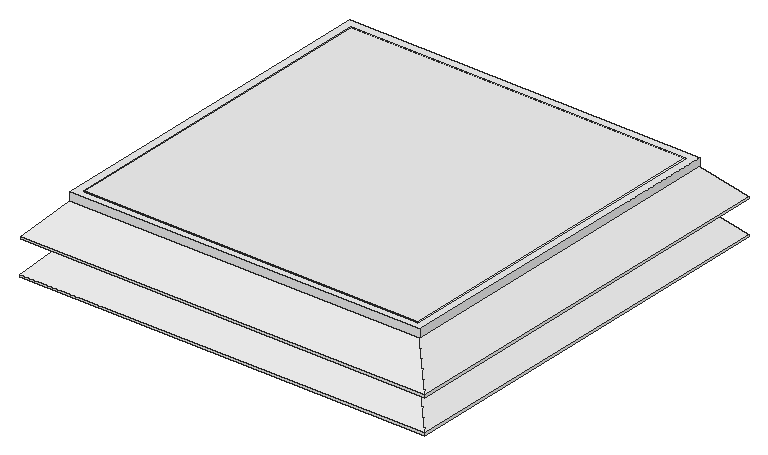
Revit family "Gravity_Intake_Roof_Ventilators-GLAB_Carnes", category Mechanical Equipment, host Face, Revit 2012
Parameters (values of type "See Type Catalog")
  ecoScorecard_data = ""
  ecoScorecard Product Page = ""
  Warranty URL = "http://www.carnes.com/GeneralCatalogs/termcond.pdf"
  Warranty = ""
  Housing = Aluminum-Carnes-Spun-Brushed
  URL = "http://www.carnes.com/index.html"
  Throat Size Width = 3' - 0"
  Throat Size Length = 3' - 0"
  Throat Area = "9"
  Subcategory = "Ventilation"  # constant formula
  Specifications URL = "http://www.carnes.com/ventilation/pdf/11072.pdf"
  Product Page URL = "http://www.carnes.com/ventilation/gravitymodels.htm"
  Parts List URL = ""
  Model = "GLAB"  # constant formula
  Material = "Aluminum"
  Manufacturer Phone = "608-845-6411"  # constant formula
  Manufacturer Fax = "608-845-6470"  # constant formula
  Manufacturer Email = "mailto:carnes@carnes.com"
  Manufacturer Address = "448 S. Main St., P. O. Box 930040, Verona, WI 53593-0040"  # constant formula
  Manufacturer = "Carnes Company"  # constant formula
  Louvers = 2
  Intake Throat Velocity 900 = "900"
  Intake Throat Velocity 800 = "800"
  Intake Throat Velocity 700 = "700"
  Intake Throat Velocity 600 = "600"
  Intake Throat Velocity 500 = "500"
  Intake Throat Velocity 400 = "400"
  Intake Throat Velocity 1200 = "1200"
  Intake Throat Velocity 1000 = "1000"
  IOM Instructions URL = ""
  Hood Width = 4' - 4"
  Hood Length = 4' - 4"
  G = 0' - 9 1/2"
  Description = "Gravity Intake Roof Ventilator"  # constant formula
  Default Elevation = 0' - 0"
  Curb Cap Width = 3' - 8"
  Curb Cap Length = 3' - 8"
  Cost Info = "mailto:carnes@carnes.com"
  Catalog URL = "http://www.carnes.com/ventilation/pdf/C409-C421.pdf"
  Assembly Code = "D3040200"
  95 CSI = "15830"  # constant formula
  04 CSI = "23 34 23"  # constant formula
Reference planes (in)
  plane 1 "Center (Front/Back)": y = 0
  plane 2: z = 0
  plane 3 "Center (Left/Right)": x = 0
  plane 4 "Throat Left": x = -18
  plane 5 "Throat Right": x = 18
  plane 6 "Hood left": x = -26
  plane 7 "Hood Right": x = 26
  plane 8 "Curb Cap Left": x = -22
  plane 9 "Curb Cap right": x = 22
  plane 10 "G": z = 9.5
  plane 11 "Curb Cap Top": y = 22
  plane 12 "Curb Cap Bottom": y = -22
  plane 13 "Throat Size Top": y = 18
  plane 14 "Throat Size Bottom": y = -18
  plane 15 "Hood Top": y = 26
  plane 16 "Hood Front": y = -26
  plane 17: z = 8.5
Forms (in)
  Extrusion 1, solid, material "Aluminum-Carnes-Spun-Brushed" <- "Housing", detail levels fine
    sketch origin (0, 0, 0) x (1, 0, 0) y (0, 1, 0)
      loop
        line (-22, -22) -> (22, -22) -> (22, 22) -> (-22, 22) -> (-22, -22)
      loop
        line (-18, 18) -> (-18, -18) -> (18, -18) -> (18, 18) -> (-18, 18)
    from 0 to 2
  Extrusion 2, solid, material "Aluminum-Carnes-Spun-Brushed" <- "Housing", detail levels fine
    sketch origin (0, 0, 0) x (1, 0, 0) y (0, 1, 0)
      loop
        line (-18, 18) -> (-18, -18) -> (18, -18) -> (18, 18) -> (-18, 18)
      loop
        line (18.125, 18.125) -> (-18.125, 18.125) -> (-18.125, -18.125) -> (18.125, -18.125) -> (18.125, 18.125)
    from 2 to 4.5
  Extrusion 3, solid, material "Aluminum-Carnes-Spun-Brushed" <- "Housing", detail levels fine
    sketch origin (0, 0, 0) x (1, 0, 0) y (0, 1, 0)
      loop
        line (-22, 22) -> (-22, -22) -> (22, -22) -> (22, 22) -> (-22, 22)
      loop
        line (-21.5, 21.5) -> (-21.5, -21.5) -> (21.5, -21.5) -> (21.5, 21.5) -> (-21.5, 21.5)
    from 0 to 8.5
  Extrusion 4, solid, material "Aluminum-Carnes-Spun-Brushed" <- "Housing", detail levels fine
    sketch origin (0, 0, 0) x (1, 0, 0) y (0, 1, 0)
      loop
        line (-22.5, 22.5) -> (-22.5, -22.5) -> (22.5, -22.5) -> (22.5, 22.5) -> (-22.5, 22.5)
    from 8.5 to 9.5
Lines and regions (in)
  model lines, detail levels coarse+medium
    curve 1: line (-26, 26, 0) -> (26, 26, 0)
    curve 2: line (26, -26, 0) -> (26, 26, 0)
    curve 3: line (26, -26, 0) -> (-26, -26, 0)
    curve 4: line (-26, 26, 0) -> (-26, -26, 0)
Dimensions and locks (in)
  "G": plane 10 "G" to plane 2
  equal spacing: plane 11 "Curb Cap Top", plane 1 "Center (Front/Back)", plane 12 "Curb Cap Bottom"
  "Curb Cap Width": plane 11 "Curb Cap Top" to plane 12 "Curb Cap Bottom"
  "Throat Size Width": plane 13 "Throat Size Top" to plane 14 "Throat Size Bottom"
  "Hood Width": plane 15 "Hood Top" to plane 16 "Hood Front"
  equal spacing: plane 13 "Throat Size Top", plane 1 "Center (Front/Back)", plane 14 "Throat Size Bottom"
  equal spacing: plane 15 "Hood Top", plane 1 "Center (Front/Back)", plane 16 "Hood Front"
  "Throat Size Length": plane 4 "Throat Left" to plane 5 "Throat Right"
  "Curb Cap Length": plane 8 "Curb Cap Left" to plane 9 "Curb Cap right"
  "Hood Length": plane 6 "Hood left" to plane 7 "Hood Right"
  locked: Extrusion 1 to Extrusion 2 sketch curve at 0.125  (x3)
  locked: Extrusion 2 sketch curve to Extrusion 1 at 0.125
  equal spacing: plane 6 "Hood left", plane 3 "Center (Left/Right)", plane 7 "Hood Right"
  equal spacing: plane 8 "Curb Cap Left", plane 3 "Center (Left/Right)", plane 9 "Curb Cap right"
  equal spacing: plane 4 "Throat Left", plane 3 "Center (Left/Right)", plane 5 "Throat Right"
  locked: Extrusion 3 sketch curve to Extrusion 1 at 0.5  (x3)
  locked: Extrusion 1 to Extrusion 3 sketch curve at 0.5
  locked: Extrusion 3 to Extrusion 4 sketch curve at 0.5  (x3)
  locked: Extrusion 4 sketch curve to Extrusion 3 at 0.5
  locked: plane 10 "G" to plane 17 at 1
  group 1 to group 2 = 0' - 0"  (x2)
  group 1 to group 2 = 0' - 4 3/8"
  aligned and locked: plane 2 to host face
  aligned and locked: level to host face
  aligned and locked: Extrusion 1 sketch curve to plane 12 "Curb Cap Bottom"
  aligned and locked: plane 11 "Curb Cap Top" to Extrusion 1 sketch curve
  aligned and locked: Extrusion 1 sketch curve to plane 9 "Curb Cap right"
  aligned and locked: Extrusion 1 sketch curve to plane 8 "Curb Cap Left"
  aligned and locked: Extrusion 1 sketch curve to plane 5 "Throat Right"
  aligned and locked: Extrusion 1 sketch curve to plane 13 "Throat Size Top"
  aligned and locked: plane 14 "Throat Size Bottom" to Extrusion 1 sketch curve
  aligned and locked: Extrusion 1 sketch curve to plane 4 "Throat Left"
  aligned and locked: Extrusion 2 sketch curve to plane 5 "Throat Right"
  aligned and locked: Extrusion 2 sketch curve to plane 13 "Throat Size Top"
  aligned and locked: Extrusion 2 sketch curve to plane 4 "Throat Left"
  aligned and locked: plane 14 "Throat Size Bottom" to Extrusion 2 sketch curve
  aligned and locked: Extrusion 3 sketch curve to plane 8 "Curb Cap Left"
  aligned and locked: Extrusion 3 sketch curve to plane 11 "Curb Cap Top"
  aligned and locked: Extrusion 3 sketch curve to plane 9 "Curb Cap right"
  aligned and locked: plane 12 "Curb Cap Bottom" to Extrusion 3 sketch curve
  aligned and locked: plane 10 "G" to Extrusion 4
  aligned and locked: Extrusion 4 to Extrusion 3
  aligned and locked: plane 17 to Extrusion 4
Automatic sketch dimensions
  host sketch curve to host sketch curve = 8' - 0"  (x2)
  curve 1 to plane 6 "Hood left" = 0' - 0"
  curve 2 to plane 7 "Hood Right" = 0' - 0"
  curve 2 to plane 16 "Hood Front" = 0' - 0"
  curve 1 to plane 15 "Hood Top" = 0' - 0"
Nested families (in)
  nested 1: "Family1" at (0, 0, 0), type "Family1", detail levels fine
  nested 2: "Family1" at (0, 0, 4.375), type "Family1", detail levels fine
Definition of nested family "Family1"
  Parameters (values of type "Family1")
    Unit = none
    Hood Length = 4' - 4"
    Hood Width = 4' - 4"
  Reference planes (in)
    plane 1 "Center (Front/Back)": y = 0
    plane 2: z = 0
    plane 3 "Center (Left/Right)": x = 0
    plane 4: x = -26
    plane 5: x = 26
    plane 6: y = -26
    plane 7: y = 26
  Forms (in)
    Sweep 1, solid, material <- "Unit"
      path origin (0.89796, -0.0471, 0) x (1, 0, 0) y (0, 1, 0)
        loop
          line (-26.89796, 26.0471) -> (-26.89796, -25.9529) -> (25.10204, -25.9529) -> (25.10204, 26.0471) -> (-26.89796, 26.0471)
      profile "Louver profile : Louver profile" origin (0, 26, 0) x (0, 1, 0) y (0, 0, 1)
        loop
          line (-4.5, 5.17188) -> (-4.5, 0) -> (0, 0) -> (0, 0.25) -> (-4.5, 5.17188)
  Dimensions and locks (in)
    "Hood Length": plane 4 to plane 5
    "Hood Width": plane 7 to plane 6
    equal spacing: plane 7, plane 1 "Center (Front/Back)", plane 6
    equal spacing: plane 4, plane 3 "Center (Left/Right)", plane 5
    aligned and locked: level to plane 2
    aligned and locked: plane 7 to Sweep 1 sketch curve
    aligned and locked: Sweep 1 sketch curve to plane 5
    aligned and locked: plane 6 to Sweep 1 sketch curve
    aligned and locked: Sweep 1 sketch curve to plane 4
Types in the file's own list only (117): name | Throat Size Width | Throat Size Length | Throat Area | Louvers | Intake Throat Velocity 900 | Intake Throat Velocity 800 | Intake Throat Velocity 700 | Intake Throat Velocity 600 | Intake Throat Velocity 500 | Intake Throat Velocity 400 | Intake Throat Velocity 1200 | Intake Throat Velocity 1000 | Hood Width | Hood Length | G | Curb Cap Width | Curb Cap Length
  12x12 | 1' - 0" | 1' - 0" | "1.00" | 2 | "900" | "800" | "700" | "600" | "500" | "400" | "1200" | "1000" | 2' - 4" | 2' - 4" | 0' - 9 1/2" | 1' - 8" | 1' - 8"
  12x14 | 1' - 0" | 1' - 2" | "1.17" | 2 | "1050" | "933" | "817" | "700" | "583" | "467" | "1400" | "1167" | 2' - 4" | 2' - 6" | 0' - 9 1/2" | 1' - 8" | 1' - 10"
  12x16 | 1' - 0" | 1' - 4" | "1.33" | 2 | "1200" | "1067" | "933" | "800" | "667" | "533" | "1600" | "1333" | 2' - 4" | 2' - 8" | 0' - 9 1/2" | 1' - 8" | 2' - 0"
  12x18 | 1' - 0" | 1' - 6" | "1.50" | 2 | "1350" | "1200" | "1050" | "900" | "750" | "600" | "1800" | "1500" | 2' - 4" | 2' - 10" | 0' - 9 1/2" | 1' - 8" | 2' - 2"
  12x20 | 1' - 0" | 1' - 8" | "1.67" | 2 | "1500" | "1333" | "1167" | "1000" | "833" | "667" | "2000" | "1667" | 2' - 4" | 3' - 0" | 0' - 9 1/2" | 1' - 8" | 2' - 4"
  12x22 | 1' - 0" | 1' - 10" | "1.83" | 2 | "1650" | "1467" | "1283" | "1100" | "917" | "733" | "2200" | "1833" | 2' - 4" | 3' - 2" | 0' - 9 1/2" | 1' - 8" | 2' - 6"
  12x24 | 1' - 0" | 2' - 0" | "2.00" | 2 | "1800" | "1600" | "1400" | "1200" | "1000" | "800" | "2400" | "2000" | 2' - 4" | 3' - 4" | 0' - 9 1/2" | 1' - 8" | 2' - 8"
  12x30 | 1' - 0" | 2' - 6" | "2.50" | 2 | "2250" | "2000" | "1750" | "1500" | "1250" | "1000" | "3000" | "2500" | 2' - 4" | 3' - 10" | 0' - 9 1/2" | 1' - 8" | 3' - 2"
  12x36 | 1' - 0" | 3' - 0" | "3.00" | 2 | "2700" | "2400" | "2100" | "1800" | "1500" | "1200" | "3600" | "3000" | 2' - 4" | 4' - 4" | 0' - 9 1/2" | 1' - 8" | 3' - 8"
  12x42 | 1' - 0" | 3' - 6" | "3.50" | 2 | "3150" | "2800" | "2450" | "2100" | "1750" | "1400" | "4200" | "3500" | 2' - 4" | 4' - 10" | 0' - 9 1/2" | 1' - 8" | 4' - 2"
  12x48 | 1' - 0" | 4' - 0" | "4.00" | 2 | "3600" | "3200" | "2800" | "2400" | "2000" | "1600" | "4800" | "4000" | 2' - 4" | 5' - 4" | 0' - 9 1/2" | 1' - 8" | 4' - 8"
  12x54 | 1' - 0" | 4' - 6" | "4.50" | 2 | "4050" | "3600" | "3150" | "2700" | "2250" | "1800" | "5400" | "4500" | 2' - 4" | 5' - 10" | 0' - 9 1/2" | 1' - 8" | 5' - 2"
  14x14 | 1' - 2" | 1' - 2" | "1.36" | 2 | "1225" | "1089" | "953" | "817" | "681" | "544" | "1633" | "1361" | 2' - 6" | 2' - 6" | 0' - 9 1/2" | 1' - 10" | 1' - 10"
  14x16 | 1' - 2" | 1' - 4" | "1.56" | 2 | "1400" | "1244" | "1089" | "933" | "778" | "622" | "1867" | "1556" | 2' - 6" | 2' - 8" | 0' - 9 1/2" | 1' - 10" | 2' - 0"
  14x18 | 1' - 2" | 1' - 6" | "1.75" | 2 | "1575" | "1400" | "1225" | "1050" | "875" | "700" | "2100" | "1750" | 2' - 6" | 2' - 10" | 0' - 9 1/2" | 1' - 10" | 2' - 2"
  14x20 | 1' - 2" | 1' - 8" | "1.94" | 2 | "1750" | "1556" | "1361" | "1167" | "972" | "778" | "2333" | "1944" | 2' - 6" | 3' - 0" | 0' - 9 1/2" | 1' - 10" | 2' - 4"
  14x22 | 1' - 2" | 1' - 10" | "2.14" | 2 | "1925" | "1711" | "1497" | "1283" | "1069" | "856" | "2567" | "2139" | 2' - 6" | 3' - 2" | 0' - 9 1/2" | 1' - 10" | 2' - 6"
  14x24 | 1' - 2" | 2' - 0" | "2.33" | 2 | "2100" | "1867" | "1633" | "1400" | "1167" | "933" | "2800" | "2333" | 2' - 6" | 3' - 4" | 0' - 9 1/2" | 1' - 10" | 2' - 8"
  14x30 | 1' - 2" | 2' - 6" | "2.92" | 2 | "2625" | "2333" | "2042" | "1750" | "1458" | "1167" | "3500" | "2917" | 2' - 6" | 3' - 10" | 0' - 9 1/2" | 1' - 10" | 3' - 2"
  14x36 | 1' - 2" | 3' - 0" | "3.50" | 2 | "3150" | "2800" | "2450" | "2100" | "1750" | "1400" | "4200" | "3500" | 2' - 6" | 4' - 4" | 0' - 9 1/2" | 1' - 10" | 3' - 8"
  14x42 | 1' - 2" | 3' - 6" | "4.08" | 2 | "3675" | "3267" | "2858" | "2450" | "2042" | "1633" | "4900" | "4083" | 2' - 6" | 4' - 10" | 0' - 9 1/2" | 1' - 10" | 4' - 2"
  14x48 | 1' - 2" | 4' - 0" | "4.67" | 2 | "4200" | "3733" | "3267" | "2800" | "2333" | "1867" | "5600" | "4667" | 2' - 6" | 5' - 4" | 0' - 9 1/2" | 1' - 10" | 4' - 8"
  14x54 | 1' - 2" | 4' - 6" | "5.25" | 3 | "4725" | "4200" | "3675" | "3150" | "2625" | "2100" | "6300" | "5250" | 2' - 6" | 5' - 10" | 1' - 2" | 1' - 10" | 5' - 2"
  14x60 | 1' - 2" | 5' - 0" | "5.83" | 3 | "5250" | "4667" | "4083" | "3500" | "2917" | "2333" | "7000" | "5833" | 2' - 6" | 6' - 4" | 1' - 2" | 1' - 10" | 5' - 8"
  16x16 | 1' - 4" | 1' - 4" | "1.78" | 2 | "1600" | "1422" | "1244" | "1067" | "889" | "711" | "2133" | "1778" | 2' - 8" | 2' - 8" | 0' - 9 1/2" | 2' - 0" | 2' - 0"
  16x18 | 1' - 4" | 1' - 6" | "2.00" | 2 | "1800" | "1600" | "1400" | "1200" | "1000" | "800" | "2400" | "2000" | 2' - 8" | 2' - 10" | 0' - 9 1/2" | 2' - 0" | 2' - 2"
  16x20 | 1' - 4" | 1' - 8" | "2.22" | 2 | "2000" | "1778" | "1556" | "1333" | "1111" | "889" | "2667" | "2222" | 2' - 8" | 3' - 0" | 0' - 9 1/2" | 2' - 0" | 2' - 4"
  16x22 | 1' - 4" | 1' - 10" | "2.44" | 2 | "2200" | "1956" | "1711" | "1467" | "1222" | "978" | "2933" | "2444" | 2' - 8" | 3' - 2" | 0' - 9 1/2" | 2' - 0" | 2' - 6"
  16x24 | 1' - 4" | 2' - 0" | "2.67" | 2 | "2400" | "2133" | "1867" | "1600" | "1333" | "1067" | "3200" | "2667" | 2' - 8" | 3' - 4" | 0' - 9 1/2" | 2' - 0" | 2' - 8"
  16x30 | 1' - 4" | 2' - 6" | "3.33" | 2 | "3000" | "2667" | "2333" | "2000" | "1667" | "1333" | "4000" | "3333" | 2' - 8" | 3' - 10" | 0' - 9 1/2" | 2' - 0" | 3' - 2"
  16x36 | 1' - 4" | 3' - 0" | "4.00" | 3 | "3600" | "3200" | "2800" | "2400" | "2000" | "1600" | "4800" | "4000" | 2' - 8" | 4' - 4" | 1' - 2" | 2' - 0" | 3' - 8"
  16x42 | 1' - 4" | 3' - 6" | "4.67" | 3 | "4200" | "3733" | "3267" | "2800" | "2333" | "1867" | "5600" | "4667" | 2' - 8" | 4' - 10" | 1' - 2" | 2' - 0" | 4' - 2"
  16x48 | 1' - 4" | 4' - 0" | "5.33" | 3 | "4800" | "4267" | "3733" | "3200" | "2667" | "2133" | "6400" | "5333" | 2' - 8" | 5' - 4" | 1' - 2" | 2' - 0" | 4' - 8"
  16x54 | 1' - 4" | 4' - 6" | "6.00" | 3 | "5400" | "4800" | "4200" | "3600" | "3000" | "2400" | "7200" | "6000" | 2' - 8" | 5' - 10" | 1' - 2" | 2' - 0" | 5' - 2"
  16x60 | 1' - 4" | 5' - 0" | "6.67" | 3 | "6000" | "5333" | "4667" | "4000" | "3333" | "2667" | "8000" | "6667" | 2' - 8" | 6' - 4" | 1' - 2" | 2' - 0" | 5' - 8"
  16x72 | 1' - 4" | 6' - 0" | "8.00" | 3 | "7200" | "6400" | "5600" | "4800" | "4000" | "3200" | "9600" | "8000" | 2' - 8" | 7' - 4" | 1' - 2" | 2' - 0" | 6' - 8"
  18x18 | 1' - 6" | 1' - 6" | "2.25" | 2 | "2025" | "1800" | "1575" | "1350" | "1125" | "900" | "2700" | "2250" | 2' - 10" | 2' - 10" | 0' - 9 1/2" | 2' - 2" | 2' - 2"
  18x20 | 1' - 6" | 1' - 8" | "2.50" | 2 | "2250" | "2000" | "1750" | "1500" | "1250" | "1000" | "3000" | "2500" | 2' - 10" | 3' - 0" | 0' - 9 1/2" | 2' - 2" | 2' - 4"
  18x22 | 1' - 6" | 1' - 10" | "2.75" | 2 | "2475" | "2200" | "1925" | "1650" | "1375" | "1100" | "3300" | "2750" | 2' - 10" | 3' - 2" | 0' - 9 1/2" | 2' - 2" | 2' - 6"
  18x24 | 1' - 6" | 2' - 0" | "3.00" | 2 | "2700" | "2400" | "2100" | "1800" | "1500" | "1200" | "3600" | "3000" | 2' - 10" | 3' - 4" | 0' - 9" | 2' - 2" | 2' - 8"
  18x30 | 1' - 6" | 2' - 6" | "3.75" | 3 | "3375" | "3000" | "2625" | "2250" | "1875" | "1500" | "4500" | "3750" | 2' - 10" | 3' - 10" | 1' - 2" | 2' - 2" | 3' - 2"
  18x36 | 1' - 6" | 3' - 0" | "4.50" | 3 | "4050" | "3600" | "3150" | "2700" | "2250" | "1800" | "5400" | "4500" | 2' - 10" | 4' - 4" | 1' - 2" | 2' - 2" | 3' - 8"
  18x42 | 1' - 6" | 3' - 6" | "5.25" | 3 | "4725" | "4200" | "3675" | "3150" | "2625" | "2100" | "6300" | "5250" | 2' - 10" | 4' - 10" | 1' - 2" | 2' - 2" | 4' - 2"
  18x48 | 1' - 6" | 4' - 0" | "6.00" | 3 | "5400" | "4800" | "4200" | "3600" | "3000" | "2400" | "7200" | "6000" | 2' - 10" | 5' - 4" | 1' - 2" | 2' - 2" | 4' - 8"
  18x54 | 1' - 6" | 4' - 6" | "6.75" | 3 | "6075" | "5400" | "4725" | "4050" | "3375" | "2700" | "8100" | "6750" | 2' - 10" | 6' - 0" | 1' - 2" | 2' - 2" | 5' - 2"
  18x60 | 1' - 6" | 5' - 0" | "7.50" | 3 | "6750" | "6000" | "5250" | "4500" | "3750" | "3000" | "9000" | "7500" | 2' - 10" | 6' - 4" | 1' - 2" | 2' - 2" | 5' - 8"
  18x72 | 1' - 6" | 6' - 0" | "9.00" | 3 | "8100" | "7200" | "6300" | "5400" | "4500" | "3600" | "10800" | "9000" | 2' - 10" | 7' - 4" | 1' - 2" | 2' - 2" | 6' - 8"
  20x20 | 1' - 8" | 1' - 8" | "2.78" | 2 | "2500" | "2222" | "1944" | "1667" | "1389" | "1111" | "3333" | "2778" | 3' - 0" | 3' - 0" | 0' - 9 1/2" | 2' - 4" | 2' - 4"
  20x22 | 1' - 8" | 1' - 10" | "3.06" | 2 | "2750" | "2444" | "2139" | "1833" | "1528" | "1222" | "3667" | "3056" | 3' - 0" | 3' - 2" | 0' - 9 1/2" | 2' - 4" | 2' - 6"
  20x24 | 1' - 8" | 2' - 0" | "3.33" | 2 | "3000" | "2667" | "2333" | "2000" | "1667" | "1333" | "4000" | "3333" | 3' - 0" | 3' - 4" | 0' - 9 1/2" | 2' - 4" | 2' - 8"
  20x30 | 1' - 8" | 2' - 6" | "4.17" | 3 | "3750" | "3333" | "2917" | "2500" | "2083" | "1667" | "5000" | "4167" | 3' - 0" | 3' - 10" | 1' - 2" | 2' - 4" | 3' - 2"
  20x36 | 1' - 8" | 3' - 0" | "5.00" | 3 | "4500" | "4000" | "3500" | "3000" | "2500" | "2000" | "6000" | "5000" | 3' - 0" | 4' - 4" | 1' - 2" | 2' - 4" | 3' - 8"
  20x42 | 1' - 8" | 3' - 6" | "5.83" | 3 | "5250" | "4667" | "4083" | "3500" | "2917" | "2333" | "7000" | "5833" | 3' - 0" | 4' - 10" | 1' - 2" | 2' - 4" | 4' - 2"
  20x48 | 1' - 8" | 4' - 0" | "6.67" | 3 | "6000" | "5333" | "4667" | "4000" | "3333" | "2667" | "8000" | "6667" | 3' - 0" | 5' - 4" | 1' - 2" | 2' - 4" | 4' - 8"
  20x54 | 1' - 8" | 4' - 6" | "7.50" | 3 | "6750" | "6000" | "5250" | "4500" | "3750" | "3000" | "9000" | "7500" | 3' - 0" | 5' - 10" | 1' - 2" | 2' - 4" | 5' - 2"
  20x60 | 1' - 8" | 5' - 0" | "8.33" | 3 | "7500" | "6667" | "5833" | "5000" | "4167" | "3333" | "10000" | "8333" | 3' - 0" | 6' - 4" | 1' - 2" | 2' - 4" | 5' - 8"
  20x72 | 1' - 8" | 6' - 0" | "10.00" | 3 | "9000" | "8000" | "7000" | "6000" | "5000" | "4000" | "12000" | "10000" | 3' - 0" | 7' - 4" | 1' - 2" | 2' - 4" | 6' - 8"
  20x78 | 1' - 8" | 6' - 6" | "10.83" | 3 | "9750" | "8667" | "7583" | "6500" | "5417" | "4333" | "13000" | "10833" | 3' - 0" | 7' - 10" | 1' - 2" | 2' - 4" | 7' - 2"
  24x24 | 2' - 0" | 2' - 0" | "4.00" | 3 | "3600" | "3200" | "2800" | "2400" | "2000" | "1600" | "4800" | "4000" | 3' - 4" | 3' - 4" | 1' - 2" | 2' - 8" | 2' - 8"
  24x30 | 2' - 0" | 2' - 6" | "5.00" | 3 | "4500" | "4000" | "3500" | "3000" | "2500" | "2000" | "6000" | "5000" | 3' - 4" | 3' - 10" | 1' - 2" | 2' - 8" | 3' - 2"
  24x36 | 2' - 0" | 3' - 0" | "6.00" | 3 | "5400" | "4800" | "4200" | "3600" | "3000" | "2400" | "7200" | "6000" | 3' - 4" | 4' - 4" | 1' - 2" | 2' - 8" | 3' - 8"
  24x42 | 2' - 0" | 3' - 6" | "7.00" | 3 | "6300" | "5600" | "4900" | "4200" | "3500" | "2800" | "8400" | "7000" | 3' - 4" | 4' - 10" | 1' - 2" | 2' - 8" | 4' - 2"
  24x48 | 2' - 0" | 4' - 0" | "8.00" | 3 | "7200" | "6400" | "5600" | "4800" | "4000" | "3200" | "9600" | "8000" | 3' - 4" | 5' - 4" | 1' - 2" | 2' - 8" | 4' - 8"
  24x54 | 2' - 0" | 4' - 6" | "9.00" | 3 | "8100" | "7200" | "6300" | "5400" | "4500" | "3600" | "10800" | "9000" | 3' - 4" | 5' - 10" | 1' - 2" | 2' - 8" | 5' - 2"
  24x60 | 2' - 0" | 5' - 0" | "10.00" | 3 | "9000" | "8000" | "7000" | "6000" | "5000" | "4000" | "12000" | "10000" | 3' - 4" | 6' - 4" | 1' - 2" | 2' - 8" | 5' - 8"
  24x66 | 2' - 0" | 5' - 6" | "11.00" | 3 | "9900" | "8800" | "7700" | "6600" | "5500" | "4400" | "13200" | "11000" | 3' - 4" | 6' - 10" | 1' - 2" | 2' - 8" | 6' - 2"
  24x72 | 2' - 0" | 6' - 0" | "12.00" | 3 | "10800" | "9600" | "8400" | "7200" | "6000" | "4800" | "14400" | "12000" | 3' - 4" | 7' - 4" | 1' - 2" | 2' - 8" | 6' - 8"
  24x78 | 2' - 0" | 6' - 6" | "13.00" | 3 | "11700" | "10400" | "9100" | "7800" | "6500" | "5200" | "15600" | "13000" | 3' - 4" | 7' - 10" | 1' - 2" | 2' - 8" | 7' - 2"
  24x84 | 2' - 0" | 7' - 0" | "14.00" | 3 | "12600" | "11200" | "9800" | "8400" | "7000" | "5600" | "16800" | "14000" | 3' - 4" | 8' - 4" | 1' - 2" | 2' - 8" | 7' - 8"
  30x30 | 2' - 6" | 2' - 6" | "6.25" | 3 | "5625" | "5000" | "4375" | "3750" | "3125" | "2500" | "7500" | "6250" | 3' - 10" | 3' - 10" | 1' - 2" | 3' - 2" | 3' - 2"
  30x36 | 2' - 6" | 3' - 0" | "7.50" | 3 | "6750" | "6000" | "5250" | "4500" | "3750" | "3000" | "9000" | "7500" | 3' - 10" | 4' - 4" | 1' - 2" | 3' - 2" | 3' - 8"
  30x42 | 2' - 6" | 3' - 6" | "8.75" | 3 | "7875" | "7000" | "6125" | "5250" | "4375" | "3500" | "10500" | "8750" | 3' - 10" | 4' - 10" | 1' - 2" | 3' - 2" | 4' - 2"
  30x48 | 2' - 6" | 4' - 0" | "10.00" | 3 | "9000" | "8000" | "7000" | "6000" | "5000" | "4000" | "12000" | "10000" | 3' - 10" | 5' - 4" | 1' - 2" | 3' - 2" | 4' - 8"
  30x54 | 2' - 6" | 4' - 6" | "11.25" | 4 | "10125" | "9000" | "7875" | "6750" | "5625" | "4500" | "13500" | "11250" | 3' - 10" | 5' - 10" | 1' - 6 1/2" | 3' - 2" | 5' - 2"
  30x60 | 2' - 6" | 5' - 0" | "12.50" | 4 | "11250" | "10000" | "8750" | "7500" | "6250" | "5000" | "15000" | "12500" | 3' - 10" | 6' - 4" | 1' - 6 1/2" | 3' - 2" | 5' - 8"
  30x66 | 2' - 6" | 5' - 6" | "13.75" | 4 | "12375" | "11000" | "9625" | "8250" | "6875" | "5500" | "16500" | "13750" | 3' - 10" | 6' - 10" | 1' - 6 1/2" | 3' - 2" | 6' - 2"
  30x72 | 2' - 6" | 6' - 0" | "15.00" | 4 | "13500" | "12000" | "10500" | "9000" | "7500" | "6000" | "18000" | "15000" | 3' - 10" | 7' - 4" | 1' - 6 1/2" | 3' - 2" | 6' - 8"
  30x78 | 2' - 6" | 6' - 6" | "16.25" | 4 | "14625" | "13000" | "11375" | "9750" | "8125" | "6500" | "19500" | "16250" | 3' - 10" | 7' - 10" | 1' - 6 1/2" | 3' - 2" | 7' - 2"
  30x84 | 2' - 6" | 7' - 0" | "17.50" | 4 | "15750" | "14000" | "12250" | "10500" | "8750" | "7000" | "21000" | "17500" | 3' - 10" | 8' - 4" | 1' - 6 1/2" | 3' - 2" | 7' - 8"
  36x36 | 3' - 0" | 3' - 0" | "9.00" | 3 | "8100" | "7200" | "6300" | "5400" | "4500" | "3600" | "10800" | "9000" | 4' - 4" | 4' - 4" | 1' - 2" | 3' - 8" | 3' - 8"
  36x42 | 3' - 0" | 3' - 6" | "10.50" | 4 | "9450" | "8400" | "7350" | "6300" | "5250" | "4200" | "12600" | "10500" | 4' - 4" | 4' - 10" | 1' - 6 1/2" | 3' - 8" | 4' - 2"
  36x48 | 3' - 0" | 4' - 0" | "12.00" | 4 | "10800" | "9600" | "8400" | "7200" | "6000" | "4800" | "14400" | "12000" | 4' - 4" | 5' - 4" | 1' - 6 1/2" | 3' - 8" | 4' - 8"
  36x54 | 3' - 0" | 4' - 6" | "13.50" | 4 | "12150" | "10800" | "9450" | "8100" | "6750" | "5400" | "16200" | "13500" | 4' - 4" | 5' - 10" | 1' - 6 1/2" | 3' - 8" | 5' - 2"
  36x60 | 3' - 0" | 5' - 0" | "15.00" | 4 | "13500" | "12000" | "10500" | "9000" | "7500" | "6000" | "18000" | "15000" | 4' - 4" | 6' - 4" | 1' - 6 1/2" | 3' - 8" | 5' - 8"
  36x66 | 3' - 0" | 5' - 6" | "16.50" | 4 | "14850" | "13200" | "11550" | "9900" | "8250" | "6600" | "19800" | "16500" | 4' - 4" | 6' - 10" | 1' - 6 1/2" | 3' - 8" | 6' - 2"
  36x72 | 3' - 0" | 6' - 0" | "18.00" | 4 | "16200" | "14400" | "12600" | "10800" | "9000" | "7200" | "21600" | "18000" | 4' - 4" | 7' - 4" | 1' - 6 1/2" | 3' - 8" | 6' - 8"
  36x78 | 3' - 0" | 6' - 6" | "19.50" | 4 | "17550" | "15600" | "13850" | "11700" | "9750" | "7800" | "23400" | "19500" | 4' - 4" | 7' - 10" | 1' - 6 1/2" | 3' - 8" | 7' - 2"
  36x84 | 3' - 0" | 7' - 0" | "21.00" | 4 | "18900" | "16800" | "14700" | "12600" | "10500" | "8400" | "25200" | "21000" | 4' - 4" | 8' - 4" | 1' - 6 1/2" | 3' - 8" | 7' - 8"
  42x42 | 3' - 6" | 3' - 6" | "12.25" | 4 | "11025" | "9800" | "8575" | "7350" | "6125" | "4900" | "14700" | "12250" | 4' - 10" | 4' - 10" | 1' - 6 1/2" | 4' - 2" | 4' - 2"
  42x48 | 3' - 6" | 4' - 0" | "14.00" | 4 | "12600" | "11200" | "9800" | "8400" | "7000" | "5600" | "16800" | "14000" | 4' - 10" | 5' - 4" | 1' - 6 1/2" | 4' - 2" | 4' - 8"
  42x54 | 3' - 6" | 4' - 6" | "15.75" | 4 | "14175" | "12600" | "11025" | "9450" | "7875" | "6300" | "18900" | "15750" | 4' - 10" | 5' - 10" | 1' - 6 1/2" | 4' - 2" | 5' - 2"
  42x60 | 3' - 6" | 5' - 0" | "17.50" | 4 | "15750" | "14000" | "12250" | "10500" | "8750" | "7000" | "21000" | "17500" | 4' - 10" | 6' - 4" | 1' - 6 1/2" | 4' - 2" | 5' - 8"
  42x66 | 3' - 6" | 5' - 6" | "19.25" | 4 | "17325" | "15400" | "13475" | "11550" | "9625" | "7700" | "23100" | "19250" | 4' - 10" | 6' - 10" | 1' - 6 1/2" | 4' - 2" | 6' - 2"
  42x72 | 3' - 6" | 6' - 0" | "21.00" | 4 | "18900" | "16800" | "14700" | "12600" | "10500" | "8400" | "25200" | "21000" | 4' - 10" | 7' - 4" | 1' - 6 1/2" | 4' - 2" | 6' - 8"
  42x78 | 3' - 6" | 6' - 6" | "22.75" | 5 | "20475" | "18200" | "15925" | "13650" | "11375" | "9100" | "27300" | "22750" | 4' - 10" | 7' - 10" | 1' - 11" | 4' - 2" | 7' - 2"
  42x84 | 3' - 6" | 7' - 0" | "24.50" | 5 | "22050" | "19600" | "17150" | "14700" | "12250" | "9800" | "29400" | "24500" | 4' - 10" | 8' - 4" | 1' - 11" | 4' - 2" | 7' - 8"
  48x48 | 4' - 0" | 4' - 0" | "16.00" | 4 | "14400" | "12800" | "11200" | "9600" | "8000" | "6400" | "19200" | "16000" | 5' - 4" | 5' - 4" | 1' - 6 1/2" | 4' - 8" | 4' - 8"
  48x54 | 4' - 0" | 4' - 6" | "18.00" | 4 | "16200" | "14400" | "12600" | "10800" | "9000" | "7200" | "21600" | "18000" | 5' - 4" | 5' - 10" | 1' - 6 1/2" | 4' - 8" | 5' - 2"
  48x60 | 4' - 0" | 5' - 0" | "20.00" | 4 | "18000" | "16000" | "14000" | "12000" | "10000" | "800" | "24000" | "20000" | 5' - 4" | 6' - 4" | 1' - 6 1/2" | 4' - 8" | 5' - 8"
  48x66 | 4' - 0" | 5' - 6" | "22.00" | 5 | "19800" | "17600" | "15400" | "13200" | "11000" | "8800" | "26400" | "22000" | 5' - 4" | 6' - 10" | 1' - 11" | 4' - 8" | 6' - 2"
  48x72 | 4' - 0" | 6' - 0" | "24.00" | 5 | "21600" | "19200" | "16800" | "14400" | "12000" | "9600" | "28800" | "24000" | 5' - 4" | 7' - 4" | 1' - 11" | 4' - 8" | 6' - 8"
  48x78 | 4' - 0" | 6' - 6" | "26.00" | 5 | "23400" | "20800" | "18200" | "15600" | "13000" | "10400" | "31200" | "26000" | 5' - 4" | 7' - 10" | 1' - 11" | 4' - 8" | 7' - 2"
  48x84 | 4' - 0" | 7' - 0" | "28.00" | 5 | "25200" | "22400" | "19600" | "16800" | "14000" | "11200" | "33600" | "28000" | 5' - 4" | 8' - 4" | 1' - 11" | 4' - 8" | 7' - 8"
  54x54 | 4' - 6" | 4' - 6" | "20.25" | 5 | "18225" | "16200" | "14175" | "12150" | "10125" | "8100" | "24300" | "20250" | 5' - 10" | 5' - 10" | 1' - 11" | 5' - 2" | 5' - 2"
  54x60 | 4' - 6" | 5' - 0" | "22.50" | 5 | "20250" | "18000" | "15750" | "13500" | "11250" | "9000" | "27000" | "22500" | 5' - 10" | 6' - 4" | 1' - 11" | 5' - 2" | 5' - 8"
  54x66 | 4' - 6" | 5' - 6" | "24.75" | 5 | "22275" | "19800" | "17325" | "14850" | "12375" | "9900" | "29700" | "24750" | 5' - 10" | 6' - 10" | 1' - 11" | 5' - 2" | 6' - 2"
  54x72 | 4' - 6" | 6' - 0" | "27.00" | 5 | "24300" | "21600" | "18900" | "16200" | "13500" | "10800" | "32400" | "27000" | 5' - 10" | 7' - 4" | 1' - 11" | 5' - 2" | 6' - 8"
  54x78 | 4' - 6" | 6' - 6" | "29.25" | 5 | "26325" | "23400" | "20475" | "17550" | "14625" | "11700" | "35100" | "29250" | 5' - 10" | 7' - 10" | 1' - 11" | 5' - 2" | 7' - 2"
  54x84 | 4' - 6" | 7' - 0" | "31.50" | 5 | "28350" | "25200" | "22050" | "18900" | "15750" | "12600" | "37800" | "31500" | 5' - 10" | 8' - 4" | 1' - 11" | 5' - 2" | 7' - 8"
  60x60 | 5' - 0" | 5' - 0" | "25.00" | 5 | "22500" | "20000" | "17500" | "15000" | "12500" | "10000" | "30000" | "25000" | 6' - 4" | 6' - 4" | 1' - 11" | 5' - 8" | 5' - 8"
  60x66 | 5' - 0" | 5' - 6" | "27.50" | 5 | "24750" | "22000" | "19250" | "16500" | "13750" | "11000" | "33000" | "27500" | 6' - 4" | 6' - 10" | 1' - 11" | 5' - 8" | 6' - 2"
  60x72 | 5' - 0" | 6' - 0" | "30.00" | 5 | "27000" | "24000" | "21000" | "18000" | "15000" | "12000" | "36000" | "30000" | 6' - 4" | 7' - 4" | 1' - 11" | 5' - 8" | 6' - 8"
  60x84 | 5' - 0" | 7' - 0" | "35.00" | 6 | "31500" | "28000" | "24500" | "21000" | "17500" | "14000" | "42000" | "35000" | 6' - 4" | 8' - 4" | 2' - 3 1/2" | 5' - 8" | 7' - 8"
  66x66 | 5' - 6" | 5' - 6" | "30.25" | 5 | "27225" | "24200" | "21175" | "18150" | "15125" | "12100" | "36300" | "30250" | 6' - 10" | 6' - 10" | 1' - 11" | 6' - 2" | 6' - 2"
  66x72 | 5' - 6" | 6' - 0" | "33.00" | 5 | "29700" | "26400" | "23100" | "19800" | "16500" | "13200" | "39600" | "33000" | 6' - 10" | 7' - 4" | 1' - 11" | 6' - 2" | 6' - 8"
  66x78 | 5' - 6" | 6' - 6" | "35.75" | 6 | "32175" | "28600" | "25025" | "21450" | "17875" | "14300" | "42900" | "35750" | 6' - 10" | 7' - 10" | 2' - 3 1/2" | 6' - 2" | 7' - 2"
  66x84 | 5' - 6" | 7' - 0" | "38.50" | 6 | "34650" | "30800" | "26950" | "23100" | "19250" | "15400" | "46200" | "38500" | 6' - 10" | 8' - 4" | 2' - 3 1/2" | 6' - 2" | 7' - 8"
